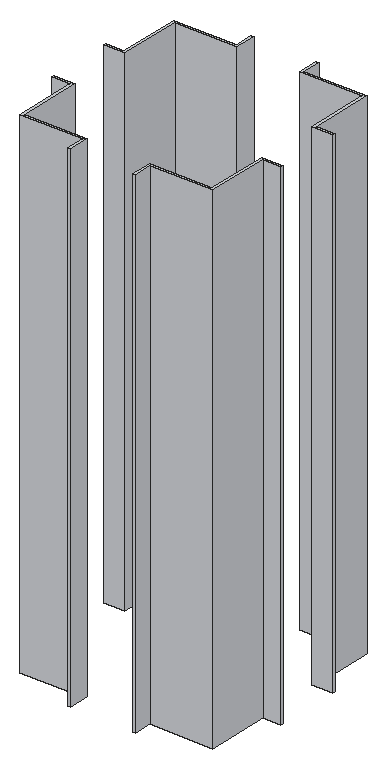
Revit family "inside_square", category Generic Models, Revit 2025
Family settings
  Can host rebar = No
  Round Connector Dimension = Use Diameter
  Part Type = Normal
  Work Plane-Based = No
  Always vertical = Yes
  Cut with Voids When Loaded = No
  Maintain Annotation Orientation = No
  Shared = No
  Room Calculation Point = No
Parameters
  Nominal Diameter = 0' - 4 1/2"
  Length = 1' - 0"
  Inside Spacing = Diameter Inner / 2  # 0' - 2 1/4"
  Guage = 0' - 0 1/16"
  Diameter Outer = Nominal Diameter * 1.8889  # 0' - 8.50005"
  Diameter Inner = Nominal Diameter  # 0' - 4 1/2"
  Default Elevation = 0' - 0"
Reference planes (in)
  plane 1 "Center (Front/Back)": y = 0
  plane 2: z = 0
  plane 3 "Center (Left/Right)": x = 0
  plane 4: y = 4.25002
  plane 5: y = -4.25003
  plane 6: x = -4.25002
  plane 7: x = 4.25003
  plane 8: x = -2.25
  plane 9: x = 2.25
  plane 10: y = 2.25
  plane 11: y = -2.25
  plane 12: through (0, 0, 48) normal (0.7071, 0.7071, 0)
  plane 13: through (-53.5, 59.51044, 48) normal (0.7071, 0.7071, 0)
  plane 14: through (-59.51044, 53.5, 48) normal (0.7071, 0.7071, 0)
  plane 15: through (0, 0, 48) normal (-0.7071, 0.7071, 0)
  plane 16: through (-89.89388, -83.88343, 48) normal (-0.7071, 0.7071, 0)
  plane 17: through (-83.88343, -89.89388, 48) normal (-0.7071, 0.7071, 0)
  plane 18: y = 1.125
  plane 19: y = -1.125
  plane 20: x = -1.125
  plane 21: x = 1.125
  plane 22: y = -0.75
  plane 23: y = 0.75
  plane 24: x = -0.75
  plane 25: x = 0.75
  plane 26: y = 2.75001
  plane 27: x = 5.35253
  plane 28: y = -3.25001
  plane 29: x = -4.88446
  plane 30: y = -2.75001
  plane 31: y = -3.75002
  plane 32: y = 3.25001
  plane 33: y = 3.75002
  plane 34: x = 2.75001
  plane 35: x = 3.25001
  plane 36: x = 3.75002
  plane 37: x = -2.75001
  plane 38: x = -3.25001
  plane 39: x = -3.75002
Forms (in)
  Extrusion 1, solid
    sketch origin (0, 0, 0) x (1, 0, 0) y (0, 1, 0)
      loop
        line (-2.75001, 0.75) -> (-2.25, 0.75) -> (-2.25, 2.25) -> (-0.75, 2.25) -> (-0.75, 2.75001) -> (-0.8125, 2.75001) -> (-0.8125, 2.3125) -> (-2.3125, 2.3125) -> (-2.3125, 0.8125) -> (-2.75001, 0.8125) -> (-2.75001, 0.75)
      loop
        line (2.75001, 0.75) -> (2.75001, 0.8125) -> (2.3125, 0.8125) -> (2.3125, 2.3125) -> (0.8125, 2.3125) -> (0.8125, 2.75001) -> (0.75, 2.75001) -> (0.75, 2.25) -> (2.25, 2.25) -> (2.25, 0.75) -> (2.75001, 0.75)
      loop
        line (2.75001, -0.75) -> (2.25, -0.75) -> (2.25, -2.25) -> (0.75, -2.25) -> (0.75, -2.75001) -> (0.8125, -2.75001) -> (0.8125, -2.3125) -> (2.3125, -2.3125) -> (2.3125, -0.8125) -> (2.75001, -0.8125) -> (2.75001, -0.75)
      loop
        line (-2.74343, -0.75) -> (-2.74343, -0.8125) -> (-2.3125, -0.8125) -> (-2.3125, -2.3125) -> (-0.8125, -2.3125) -> (-0.8125, -2.75001) -> (-0.75, -2.75001) -> (-0.75, -2.25) -> (-2.25, -2.25) -> (-2.25, -0.75) -> (-2.74343, -0.75)
    from 0 to 12 <- "Length"
Lines and regions (in)
  model lines
    curve 1: circle (0, 0, 0) r 4.25003 normal (0, 0, 1)
    curve 2: circle (0, 0, 0) r 2.25 normal (0, 0, 1)
Dimensions and locks (in)
  equal spacing: plane 6, plane 3 "Center (Left/Right)", plane 7
  equal spacing: plane 5, plane 1 "Center (Front/Back)", plane 4
  "Diameter Outer": plane 4 to plane 5
  "Diameter Outer": plane 6 to plane 7
  equal spacing: plane 11, plane 1 "Center (Front/Back)", plane 10
  "Diameter Inner": plane 10 to plane 11
  equal spacing: plane 8, plane 3 "Center (Left/Right)", plane 9
  "Diameter Inner": plane 8 to plane 9
  equal spacing: plane 16, plane 15, plane 17
  "Diameter Outer": plane 16 to plane 17
  equal spacing: plane 13, plane 12, plane 14
  "Diameter Outer": plane 13 to plane 14
  equal spacing: plane 19, plane 1 "Center (Front/Back)", plane 18
  "Inside Spacing": plane 19 to plane 18
  equal spacing: plane 20, plane 3 "Center (Left/Right)", plane 21
  "Inside Spacing": plane 20 to plane 21
  equal spacing: plane 11, plane 22, plane 23, plane 10
  equal spacing: plane 8, plane 24, plane 25, plane 9
  "Guage": Extrusion 1 sketch curve to Extrusion 1 sketch curve  (x16)
  equal spacing: plane 11, plane 30, plane 28, plane 31, plane 5
  equal spacing: plane 4, plane 33, plane 32, plane 26, plane 10
  equal spacing: plane 9, plane 34, plane 35, plane 36, plane 7
  equal spacing: plane 6, plane 39, plane 38, plane 37, plane 8
  plane 25 to plane 9 = 0' - 1 1/2"
  plane 26 to plane 10 = 0' - 0 1/2"
  "Diameter Outer": diameter of curve 1
  "Diameter Inner": diameter of curve 2
  aligned and locked: plane 2 to level
  aligned and locked: plane 3 "Center (Left/Right)" to curve 1
  aligned and locked: plane 1 "Center (Front/Back)" to curve 1
  aligned and locked: plane 3 "Center (Left/Right)" to curve 2
  aligned and locked: plane 1 "Center (Front/Back)" to curve 2
  aligned and locked: plane 24 to Extrusion 1 sketch curve
  aligned and locked: Extrusion 1 sketch curve to plane 10
  aligned and locked: plane 8 to Extrusion 1 sketch curve
  aligned and locked: plane 23 to Extrusion 1 sketch curve
  aligned and locked: Extrusion 1 sketch curve to plane 25
  aligned and locked: plane 10 to Extrusion 1 sketch curve
  aligned and locked: Extrusion 1 sketch curve to plane 9
  aligned and locked: Extrusion 1 sketch curve to plane 23
  aligned and locked: plane 22 to Extrusion 1 sketch curve
  aligned and locked: plane 9 to Extrusion 1 sketch curve
  aligned and locked: Extrusion 1 sketch curve to plane 11
  aligned and locked: plane 25 to Extrusion 1 sketch curve
  aligned and locked: Extrusion 1 sketch curve to plane 24
  aligned and locked: plane 11 to Extrusion 1 sketch curve
  aligned and locked: Extrusion 1 sketch curve to plane 8
  aligned and locked: Extrusion 1 sketch curve to plane 22
  aligned and locked: Extrusion 1 to plane 37
  aligned and locked: plane 26 to Extrusion 1  (x2)
  aligned and locked: plane 34 to Extrusion 1  (x2)
  aligned and locked: Extrusion 1 to plane 30  (x2)
Automatic sketch dimensions
  Extrusion 1 sketch curve to Extrusion 1 sketch curve = 0' - 0 7/16"  (x7)
  Extrusion 1 sketch curve to Extrusion 1 sketch curve = 0' - 0.43093"
